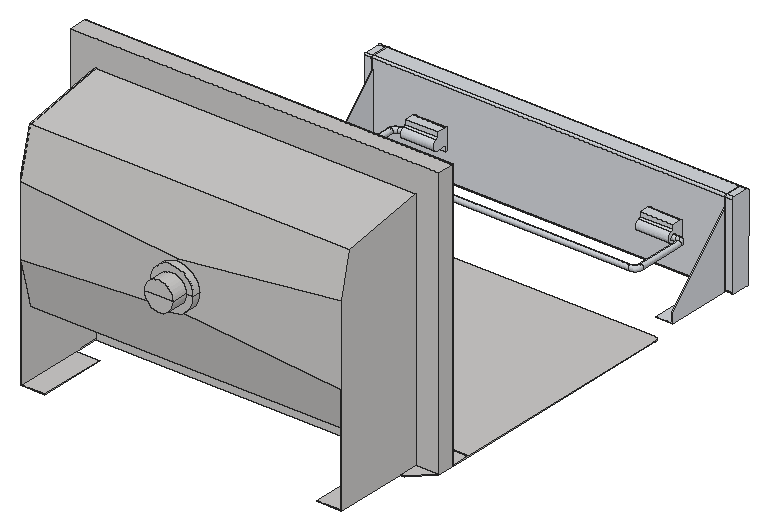
Revit family "PRD_AR_WshTrghs_PlanoxWashTrough_PL6,8,12,16,18,24,30-T-TCS", category Plumbing Fixtures, host Face, Revit 2018 (continued)
Definition of nested family "PRD_AR_WashBasinSupportBrackets__SupportBracketPL18SU"
  Parameters (values of type "PL18SU")
    WarrantyDurationLabor = "n/a"
    WarrantyDescription = "n/a"
    Version = "1"
    Uniclass2015Version = "Products v1.10"
    Uniclass2015Title = "Wash basin support brackets"
    Uniclass2015Code = "Pr_20_85_09_98"
    URL = "www.kwc.com"
    TagNumber [instance] = "n/a"
    SustainabilityPerformance = "n/a"
    Style = "Bracket"
    Size = "240 x 180 x 45 mm"
    Shape = "n/a"
    SerialNumber [instance] = "n/a"
    Revision = "n/a"
    ReplacementCost = "n/a"
    ProductInformation = "https://pim.kwc.com/product/2030043812/attachment/datasheet?locale=en"
    BracketMaterial = none
    NominalWidth = 45 mm
    NominalHeight = 180 mm
    NominalDepth = 240 mm
    NetWeight = 0.60 kg
    Name = "PLANOX bracket PL18SU"
    NBSTypeID = "n/a"
    NBSReference = "45-35-70/374"
    NBSOfficeMasterTag = "n/a"
    NBSNote = "n/a"
    NBSDescription = "Supports for wash basins"
    NBSCertification = "n/a"
    ModelReference = "PL18SU"
    ModelNumber = "2030043812"
    Model = ModelReference  # "PL18SU"
    Materials = "Stainless steel 1.4301"
    Material = "Stainless steel"
    ManufacturerURL = "www.kwc.com"
    ManufacturerName = "KWC Group AG"  # constant formula
    Manufacturer = ManufacturerName  # "KWC Group AG"
    MainColor = "Stainless steel"
    InstallationDate [instance] = "1900-12-31T23:59:59"
    IfcExportType = "NOTDEFINED"
    IfcExportAs = "IfcFurnitureType"
    GrossWeight = 0.70 kg
    Grade = "n/a"
    Form = "Mounted under product"
    Finish = "Satin finished"
    Features = "chromium nickel steel, material thickness 2 mm, wall mounting"
    ExpectedLife = "n/a"
    DurationUnit = "year"
    Description = "Bracket for PLANOX washtroughs, wall-mounted, chromium nickel steel, material thickness 2 mm, including mounting material."
    Default Elevation = 1219.2 mm
    CreateOn = "04/2019"  # constant formula
    Constituents = "n/a"
    Color = "Stainless steel"
    CodePerformance = "n/a"
    Category = "Pr_20_85_09_98, Wash basin support brackets"
    BarCode [instance] = "n/a"
    BIMObjectName = "PRD_AR_WashBasinSupportBrackets__SupportBracketPL18SU"
    Author = "Archispace"  # constant formula
    AssetType = "Fixed"
    AssetIdentifier [instance] = "n/a"
    AccessibilityPerformance = "n/a"
  Reference planes
    plane 1 "Center (Front/Back)": y = 0
    plane 2: z = 0
    plane 3 "Center (Left/Right)": x = 0
  Forms (mm)
    Extrusion 1, solid, material <- "BracketMaterial", detail levels fine
      sketch origin (0, 0, 0) x (1, 0, 0) y (0, 1, 0)
        loop
          line (-100, -186.554) -> (-122.5, -186.554) -> (-122.5, -366.554) -> (-77.5, -366.554) -> (-77.5, -186.554) -> (-100, -186.554)
      from 0 to 3
    Extrusion 2, solid, material <- "BracketMaterial", detail levels fine
      sketch origin (0, 0, 0) x (1, 0, 0) y (0, 1, 0)
        loop
          line (-122.5, -186.554) -> (-122.5, -209.554) -> (-110.5, -209.554) -> (-110.5, -206.554) -> (-119.5, -206.554) -> (-119.5, -189.554) -> (-80.5, -189.554) -> (-80.5, -206.554) -> (-89.5, -206.554) -> (-89.5, -209.554) -> (-77.5, -209.554) -> (-77.5, -186.554) -> (-122.5, -186.554)
      from 0 to 240
    Extrusion 3, solid, material <- "BracketMaterial", detail levels fine
      sketch origin (0, 0, 0) x (0, 1, 0) y (0, 0, 1)
        loop
          line (-366.554, 0) -> (-209.554, 0) -> (-209.554, 48.026) -> (-286.554, 20) -> (-366.554, 20) -> (-366.554, 0)
      from -122.5 to -119.5
    Extrusion 4, solid, material <- "BracketMaterial", detail levels fine
      sketch origin (-200, 0, 0) x (0, 1, 0) y (0, 0, -1)
        loop
          line (-366.554, 0) -> (-366.554, -20) -> (-286.554, -20) -> (-209.554, -48.026) -> (-209.554, 0) -> (-366.554, 0)
      from -122.5 to -119.5
    Extrusion 5, solid, material <- "BracketMaterial", detail levels coarse
      sketch origin (0, 0, 0) x (1, 0, 0) y (0, 1, 0)
        loop
          line (-77.5, -186.554) -> (-122.5, -186.554) -> (-122.5, -366.554) -> (-77.5, -366.554) -> (-77.5, -186.554)
      from 0 to 240
    Extrusion 6, solid, material <- "BracketMaterial", detail levels medium
      sketch origin (0, 0, 0) x (1, 0, 0) y (0, 1, 0)
        loop
          line (-122.5, -209.554) -> (-77.5, -209.554) -> (-77.5, -186.554) -> (-122.5, -186.554) -> (-122.5, -209.554)
      from 0 to 240
    Extrusion 7, solid, material <- "BracketMaterial", detail levels medium
      sketch origin (0, 0, 0) x (0, 1, 0) y (0, 0, 1)
        loop
          line (-209.554, 48.026) -> (-286.554, 20) -> (-366.554, 20) -> (-366.554, 0) -> (-209.554, 0) -> (-209.554, 48.026)
      from -122.5 to -77.5
  Dimensions and locks
    aligned and locked: level to plane 2
Types (21, lengths in mm): name | WasteValveMaterial | WashbasinMaterial | TypeSplashback | Type | TowelRailTB60 | Size | ShelfOffset | ShelfBXSV6 | ProductInformation | PLSU | OverallLength | NominalWidth | NominalDepth | NetWeight | Name | ModelReference | ModelNumber | Model | MaterialsFinishAndColour | MaterialsBody | IntegralAccessories | GrossWeight | Finish | Features | Description | BIMObjectName
  PL6 | PRD_AR_StainlessSteel_SatinFinished | PRD_AR_StainlessSteel_SatinFinished | PLSB,PLSBCS : PL6SB | PL : PL | yes | "600 x 382 x 210 mm" | 600 | yes | "https://pim.kwc.com/product/2030043777/attachment/datasheet?locale=en" | no | 600 | 600 | 382 | 5.25 kg | "PLANOX wash trough PL6" | "PL6" | "2030043777" | "PL6" | "Stainless steel, satin finished" | "Stainless steel 1.4301" | "Side panels with integrated brackets, incl. stainless steel screws and dowels" | 7.09 kg | "Satin finished" | "stainless steel, 0.80 mm, satin finished, wall mounting, 600x210x382 mm (WxHxD)" | "PLANOX seamless welded washtrough for wall mounting, chromium nickel steel, satin finished surface, material thickness of washtrough 0.8 mm / side panels 1.2 mm, side panels with integrated wall brackets, without tap ledge or overflow, 40 mm rear upstand, central waste, G 1 1/2 B strainer waste, includes mounting materials. For a length of 1800 mm or more, an additional bracket is supplied. Special lengths are available on request." | "PRD_AR_WashTrough_PlanoxWashTrough_PL6"
  PL8 | PRD_AR_StainlessSteel_SatinFinished | PRD_AR_StainlessSteel_SatinFinished | PLSB,PLSBCS : PL8SB | PL : PL | no | "800 x 382 x 210 mm" | 472.316 | no | "https://pim.kwc.com/product/2030043778/attachment/datasheet?locale=en" | no | 800 | 800 | 382 | 6.29 kg | "PLANOX wash trough PL8" | "PL8" | "2030043778" | "PL8" | "Stainless steel, satin finished" | "Stainless steel 1.4301" | "incl. stainless steel screws and dowels" | 8.13 kg | "Satin finished" | "stainless steel, 0.80 mm, satin finished, wall mounting, 800x210x382 mm (WxHxD)" | "Washing trough PLANOX seamless welded wash trough for wall mounting, chromium nickel steel, satin finished surface, material thickness of wash trough 0.8 mm / side panels 1.2 mm, side panels with integrated wall brackets, without tap ledge or overflow, 40 mm rear upstand, drainage central, G 1 1/2 B strainer waste, includes mounting materials. For a length of 1800 mm or more, an additional bracket is supplied. Special lengths are available on request." | "PRD_AR_WashTrough_PlanoxWashTrough_PL8"
  PL12 | PRD_AR_StainlessSteel_SatinFinished | PRD_AR_StainlessSteel_SatinFinished | PLSB,PLSBCS : PL12SB | PL : PL | no | "1200 x 382 x 210 mm" | 472.316 | no | "https://pim.kwc.com/product/2030043779/attachment/datasheet?locale=en" | no | 1200 | 1200 | 382 | 7.66 kg | "PLANOX wash trough PL12" | "PL12" | "2030043779" | "PL12" | "Stainless steel, satin finished" | "Stainless steel 1.4301" | "Side panels with integrated brackets, incl. stainless steel screws and dowels" | 9.50 kg | "Satin finished" | "stainless steel, 0.80 mm, satin finished, wall mounting, 1200x210x382 mm (WxHxD)" | "Washing trough PLANOX seamless welded wash trough for wall mounting, chromium nickel steel, satin finished surface, material thickness of wash trough 0.8 mm / side panels 1.2 mm, side panels with integrated wall brackets, without tap ledge or overflow, 40 mm rear upstand, drainage central, G 1 1/2 B strainer waste, includes mounting materials. For a length of 1800 mm or more, an additional bracket is supplied. Special lengths are available on request." | "PRD_AR_WashTrough_PlanoxWashTrough_PL12"
  PL16 | PRD_AR_StainlessSteel_SatinFinished | PRD_AR_StainlessSteel_SatinFinished | PLSB,PLSBCS : PL16SB | PL : PL | no | "1600 x 382 x 210 mm" | 472.316 | no | "https://pim.kwc.com/product/2030043780/attachment/datasheet?locale=en" | no | 1600 | 1600 | 382 | 10.46 kg | "PLANOX wash trough PL16" | "PL16" | "2030043780" | "PL16" | "Stainless steel, satin finished" | "Stainless steel 1.4301" | "Side panels with integrated brackets, incl. stainless steel screws and dowels" | 12.30 kg | "Satin finished" | "stainless steel, 0.80 mm, satin finished, wall mounting, 1600x210x382 mm (WxHxD)" | "PLANOX seamless welded washtrough for wall mounting, chromium nickel steel, satin finished surface, material thickness of washtrough 0.8 mm / side panels 1.2 mm, side panels with integrated wall brackets, without tap ledge or overflow, 40 mm rear upstand, central waste, G 1 1/2 B strainer waste, includes mounting materials. For a length of 1800 mm or more, an additional bracket is supplied. Special lengths are available on request." | "PRD_AR_WashTrough_PlanoxWashTrough_PL16"
  PL18 | PRD_AR_StainlessSteel_SatinFinished | PRD_AR_StainlessSteel_SatinFinished | PLSB,PLSBCS : PL18SB | PL : PL | no | "1800 x 382 x 210 mm" | 472.316 | no | "https://pim.kwc.com/product/2030043781/attachment/datasheet?locale=en" | yes | 1800 | 1800 | 382 | 12.21 kg | "PLANOX wash trough PL18" | "PL18" | "2030043781" | "PL18" | "Stainless steel, satin finished" | "Stainless steel 1.4301" | "Side panels with integrated brackets, incl. stainless steel screws and dowels" | 14.46 kg | "Satin finished" | "stainless steel, 0.80 mm, satin finished, wall mounting, 1800x210x382 mm (WxHxD)" | "Washing trough PLANOX seamless welded wash trough for wall mounting, chromium nickel steel, satin finished surface, material thickness of wash trough 0.8 mm / side panels 1.2 mm, side panels with integrated wall brackets, without tap ledge or overflow, 40 mm rear upstand, drainage central, G 1 1/2 B strainer waste, includes mounting materials. For a length of 1800 mm or more, an additional bracket is supplied. Special lengths are available on request." | "PRD_AR_WashTrough_PlanoxWashTrough_PL18"
  PL24 | PRD_AR_StainlessSteel_SatinFinished | PRD_AR_StainlessSteel_SatinFinished | PLSB,PLSBCS : PL24SB | PL : PL | no | "2400 x 382 x 210 mm" | 472.316 | no | "https://pim.kwc.com/product/2030043782/attachment/datasheet?locale=en" | yes | 2400 | 2400 | 382 | 15.38 kg | "PLANOX wash trough PL24" | "PL24" | "2030043782" | "PL24" | "Stainless steel, satin finished" | "Stainless steel 1.4301" | "Side panels with integrated brackets, incl. stainless steel screws and dowels" | 17.63 kg | "Satin finished" | "stainless steel, 0.80 mm, satin finished, wall mounting, 2400x210x382 mm (WxHxD)" | "Washing trough PLANOX seamless welded wash trough for wall mounting, chromium nickel steel, satin finished surface, material thickness of wash trough 0.8 mm / side panels 1.2 mm, side panels with integrated wall brackets, without tap ledge or overflow, 40 mm rear upstand, drainage central, G 1 1/2 B strainer waste, includes mounting materials. For a length of 1800 mm or more, an additional bracket is supplied. Special lengths are available on request." | "PRD_AR_WashTrough_PlanoxWashTrough_PL24"
  PL30 | PRD_AR_StainlessSteel_SatinFinished | PRD_AR_StainlessSteel_SatinFinished | PLSB,PLSBCS : PL30SB | PL : PL | no | "3000 x 382 x 210 mm" | 472.316 | no | "https://pim.kwc.com/product/2030043783/attachment/datasheet?locale=en" | yes | 3000 | 3000 | 382 | 18.54 kg | "PLANOX wash trough PL30" | "PL30" | "2030043783" | "PL30" | "Stainless steel, satin finished" | "Stainless steel 1.4301" | "Side panels with integrated brackets, incl. stainless steel screws and dowels" | 20.79 kg | "Satin finished" | "stainless steel, 0.80 mm, satin finished, wall mounting, 3000x210x382 mm (WxHxD)" | "Washing trough PLANOX seamless welded wash trough for wall mounting, chromium nickel steel, satin finished surface, material thickness of wash trough 0.8 mm / side panels 1.2 mm, side panels with integrated wall brackets, without tap ledge or overflow, 40 mm rear upstand, drainage central, G 1 1/2 B strainer waste, includes mounting materials. For a length of 1800 mm or more, an additional bracket is supplied. Special lengths are available on request." | "PRD_AR_WashTrough_PlanoxWashTrough_PL30"
  PL6T | PRD_AR_ChromiumNickelSteel_SatinlFinished | PRD_AR_ChromiumNickelSteel_SatinlFinished | PLSB,PLSBCS : PL6SB | PLT,PLCS : PLT,PLCS | yes | "600 x 442 x 210 mm" | 600 | yes | "https://pim.kwc.com/product/2030043784/attachment/datasheet?locale=en" | no | 600 | 600 | 442 | 5.74 kg | "PLANOX wash trough PL6T" | "PL6T" | "2030043784" | "PL6T" | "Stainless steel, satin finished" | "Stainless steel 1.4301" | "Side panels with integrated brackets, incl. stainless steel screws and dowels" | 7.58 kg | "Satin finished" | "stainless steel, 0.80 mm, satin finished, wall mounting, 600x210x442 mm (WxHxD)" | "Washing trough PLANOX seamless welded wash trough for wall mounting, chromium nickel steel, satin finished surface, material thickness of wash trough 0.8 mm / side panels 1.2 mm, side panels with integrated wall brackets, lowered tap ledge 80 mm, without tap holes or overflow, 40 mm rear upstand, central waste, G 1 1/2 B strainer waste, includes mounting materials. For a length of 1800 mm or more, an additional bracket is supplied. Special lengths are available on request." | "PRD_AR_WashTrough_PlanoxWashTrough_PL6T"
  PL8T | PRD_AR_ChromiumNickelSteel_SatinlFinished | PRD_AR_ChromiumNickelSteel_SatinlFinished | PLSB,PLSBCS : PL8SB | PLT,PLCS : PLT,PLCS | no | "800 x 442 x 210 mm" | 472.316 | no | "https://pim.kwc.com/product/2030043785/attachment/datasheet?locale=en" | no | 800 | 800 | 442 | 6.88 kg | "PLANOX wash trough PL8T" | "PL8T" | "2030043785" | "PL8T" | "Stainless steel, satin finished" | "Stainless steel 1.4301" | "incl. stainless steel screws and dowels" | 8.72 kg | "Satin finished" | "stainless steel, 0.80 mm, satin finished, wall mounting, 800x210x442 mm (WxHxD)" | "Washing trough PLANOX seamless welded wash trough for wall mounting, chromium nickel steel, satin finished surface, material thickness of wash trough 0.8 mm / side panels 1.2 mm, side panels with integrated wall brackets, lowered tap ledge 80 mm, without tap holes or overflow, 40 mm rear upstand, central waste, G 1 1/2 B strainer waste, includes mounting materials. For a length of 1800 mm or more, an additional bracket is supplied. Special lengths are available on request." | "PRD_AR_WashTrough_PlanoxWashTrough_PL8T"
  PL12T | PRD_AR_ChromiumNickelSteel_SatinlFinished | PRD_AR_ChromiumNickelSteel_SatinlFinished | PLSB,PLSBCS : PL12SB | PLT,PLCS : PLT,PLCS | no | "1200 x 442 x 210 mm" | 472.316 | no | "https://pim.kwc.com/product/2030043786/attachment/datasheet?locale=en" | no | 1200 | 1200 | 442 | 8.71 kg | "PLANOX wash trough PL12T" | "PL12T" | "2030043786" | "PL12T" | "Stainless steel, satin finished" | "Stainless steel 1.4301" | "Side panels with integrated brackets, incl. stainless steel screws and dowels" | 10.55 kg | "Satin finished" | "stainless steel, 0.80 mm, satin finished, wall mounting, 1200x210x442 mm (WxHxD)" | "Washing trough PLANOX seamless welded wash trough for wall mounting, chromium nickel steel, satin finished surface, material thickness of wash trough 0.8 mm / side panels 1.2 mm, side panels with integrated wall brackets, lowered tap ledge 80 mm, without tap holes or overflow, 40 mm rear upstand, drainage central, G 1 1/2 B strainer waste, includes mounting materials. For a length of 1800 mm or more, an additional bracket is supplied. Special lengths are available on request." | "PRD_AR_WashTrough_PlanoxWashTrough_PL12T"
  PL16T | PRD_AR_ChromiumNickelSteel_SatinlFinished | PRD_AR_ChromiumNickelSteel_SatinlFinished | PLSB,PLSBCS : PL16SB | PLT,PLCS : PLT,PLCS | no | "1600 x 442 x 210 mm" | 472.316 | no | "https://pim.kwc.com/product/2030043787/attachment/datasheet?locale=en" | no | 1600 | 1600 | 442 | 10.96 kg | "PLANOX wash trough PL16T" | "PL16T" | "2030043787" | "PL16T" | "Stainless steel, satin finished" | "Stainless steel 1.4301" | "Side panels with integrated brackets, incl. stainless steel screws and dowels" | 12.80 kg | "Satin finished" | "stainless steel, 0.80 mm, satin finished, wall mounting, 1600x210x442 mm (WxHxD)" | "Washing trough PLANOX seamless welded wash trough for wall mounting, chromium nickel steel, satin finished surface, material thickness of wash trough 0.8 mm / side panels 1.2 mm, side panels with integrated wall brackets, lowered tap ledge 80 mm, without tap holes or overflow, 40 mm rear upstand, central waste, G 1 1/2 B strainer waste, includes mounting materials. For a length of 1800 mm or more, an additional bracket is supplied. Special lengths are available on request." | "PRD_AR_WashTrough_PlanoxWashTrough_PL16T"
  PL18T | PRD_AR_ChromiumNickelSteel_SatinlFinished | PRD_AR_ChromiumNickelSteel_SatinlFinished | PLSB,PLSBCS : PL18SB | PLT,PLCS : PLT,PLCS | no | "1800 x 442 x 210 mm" | 472.316 | no | "https://pim.kwc.com/product/2030043788/attachment/datasheet?locale=en" | yes | 1800 | 1800 | 442 | 12.74 kg | "PLANOX wash trough PL18T" | "PL18T" | "2030043788" | "PL18T" | "Stainless steel, satin finished" | "Stainless steel 1.4301" | "Side panels with integrated brackets, incl. stainless steel screws and dowels" | 14.99 kg | "Satin finished" | "stainless steel, 0.80 mm, satin finished, wall mounting, 1800x210x442 mm (WxHxD)" | "Washing trough PLANOX seamless welded wash trough for wall mounting, chromium nickel steel, satin finished surface, material thickness of wash trough 0.8 mm / side panels 1.2 mm, side panels with integrated wall brackets, lowered tap ledge 80 mm, without tap holes or overflow, 40 mm rear upstand, drainage central, G 1 1/2 B strainer waste, includes mounting materials. For a length of 1800 mm or more, an additional bracket is supplied. Special lengths are available on request." | "PRD_AR_WashTrough_PlanoxWashTrough_PL18T"
  PL24T | PRD_AR_ChromiumNickelSteel_SatinlFinished | PRD_AR_ChromiumNickelSteel_SatinlFinished | PLSB,PLSBCS : PL24SB | PLT,PLCS : PLT,PLCS | no | "2400 x 442 x 210 mm" | 472.316 | no | "https://pim.kwc.com/product/2030043789/attachment/datasheet?locale=en" | yes | 2400 | 2400 | 442 | 15.93 kg | "PLANOX wash trough PL24T" | "PL24T" | "2030043789" | "PL24T" | "Stainless steel, satin finished" | "Stainless steel 1.4301" | "Side panels with integrated brackets, incl. stainless steel screws and dowels" | 18.18 kg | "Satin finished" | "stainless steel, 0.80 mm, satin finished, wall mounting, 2400 x 442 x 210 mm (WxHxD)" | "Washing trough PLANOX seamless welded wash trough for wall mounting, chromium nickel steel, satin finished surface, material thickness of wash trough 0.8 mm / side panels 1.2 mm, side panels with integrated wall brackets, lowered tap ledge 80 mm, without tap holes or overflow, 40 mm rear upstand, drainage central, G 1 1/2 B strainer waste, includes mounting materials. For a length of 1800 mm or more, an additional bracket is supplied. Special lengths are available on request." | "PRD_AR_WashTrough_PlanoxWashTrough_PL24T"
  PL30T | PRD_AR_ChromiumNickelSteel_SatinlFinished | PRD_AR_ChromiumNickelSteel_SatinlFinished | PLSB,PLSBCS : PL30SB | PLT,PLCS : PLT,PLCS | no | "3000 x 442 x 210 mm" | 472.316 | no | "https://pim.kwc.com/product/2030043790/attachment/datasheet?locale=en" | yes | 3000 | 3000 | 442 | 19.14 kg | "PLANOX wash trough PL30T" | "PL30T" | "2030043790" | "PL30T" | "Stainless steel, satin finished" | "Stainless steel 1.4301" | "Side panels with integrated brackets, incl. stainless steel screws and dowels" | 21.39 kg | "Satin finished" | "stainless steel, 0.80 mm, satin finished, wall mounting, 3000 x 442 x 210 mm (WxHxD)" | "Washing trough PLANOX seamless welded wash trough for wall mounting, chromium nickel steel, satin finished surface, material thickness of wash trough 0.8 mm / side panels 1.2 mm, side panels with integrated wall brackets, lowered tap ledge 80 mm, without tap holes or overflow, 40 mm rear upstand, drainage central, G 1 1/2 B strainer waste, includes mounting materials. For a length of 1800 mm or more, an additional bracket is supplied. Special lengths are available on request." | "PRD_AR_WashTrough_PlanoxWashTrough_PL30T"
  PL6TCS | PRD_AR_ChromiumSteel_HighPolished | PRD_AR_ChromiumSteel_HighPolished | PLSB,PLSBCS : PL6SBCS | PLT,PLCS : PLT,PLCS | yes | "600 x 442 x 210 mm" | 600 | yes | "https://pim.kwc.com/product/2030043791/attachment/datasheet?locale=en" | no | 600 | 600 | 442 | 5.74 kg | "PLANOX wash trough PL6TCS" | "PL6TCS" | "2030043791" | "PL6TCS" | "Chromium steel, high polished" | "Chromium steel 1.4016" | "Side panels with integrated brackets, incl. stainless steel screws and dowels" | 7.58 kg | "High polished" | "chromium steel, 0.80 mm, high polished, wall mounting, 600x210x442 mm (WxHxD)" | "Washing trough PLANOX seamless welded wash trough for wall mounting, chromium steel, satin finished surface, material thickness of wash trough 0.8 mm / side panels 1.2 mm, side panels with integrated wall brackets, lowered tap ledge 80 mm, without tap holes or overflow, 40 mm rear upstand, drainage central, G 1 1/2 B strainer waste, includes mounting materials. For a length of 1800 mm or more, an additional bracket is supplied. Special lengths are available on request." | "PRD_AR_WashTrough_PlanoxWashTrough_PL6TCS"
  PL8TCS | PRD_AR_ChromiumSteel_HighPolished | PRD_AR_ChromiumSteel_HighPolished | PLSB,PLSBCS : PL8SBCS | PLT,PLCS : PLT,PLCS | no | "800 x 442 x 210 mm" | 472.316 | no | "https://pim.kwc.com/product/2030043792/attachment/datasheet?locale=en" | no | 800 | 800 | 442 | 6.88 kg | "PLANOX wash trough PL8TCS" | "PL8TCS" | "2030043792" | "PL8TCS" | "Chromium steel, high polished" | "Chromium steel 1.4016" | "incl. stainless steel screws and dowels" | 8.72 kg | "High polished" | "chromium steel, 0.80 mm, high polished, wall mounting, 800x210x442 mm (WxHxD)" | "Washing trough PLANOX seamless welded wash trough for wall mounting, chromium steel, satin finished surface, material thickness of wash trough 0.8 mm / side panels 1.2 mm, side panels with integrated wall brackets, lowered tap ledge 80 mm, without tap holes or overflow, 40 mm rear upstand, drainage central, G 1 1/2 B strainer waste, includes mounting materials. For a length of 1800 mm or more, an additional bracket is supplied. Special lengths are available on request." | "PRD_AR_WashTrough_PlanoxWashTrough_PL8TCS"
  PL12TCS | PRD_AR_ChromiumSteel_HighPolished | PRD_AR_ChromiumSteel_HighPolished | PLSB,PLSBCS : PL12SBCS | PLT,PLCS : PLT,PLCS | no | "1200 x 442 x 210 mm" | 472.316 | no | "https://pim.kwc.com/product/2030043793/attachment/datasheet?locale=en" | no | 1200 | 1200 | 442 | 8.71 kg | "PLANOX wash trough PL12TCS" | "PL12TCS" | "2030043793" | "PL12TCS" | "Chromium steel, high polished" | "Chromium steel 1.4016" | "Side panels with integrated brackets, incl. stainless steel screws and dowels" | 10.55 kg | "High polished" | "chromium steel, 0.80 mm, high polished, wall mounting, 1200x210x442 mm (WxHxD)" | "Washing trough PLANOX seamless welded wash trough for wall mounting, chromium steel, satin finished surface, material thickness of wash trough 0.8 mm / side panels 1.2 mm, side panels with integrated wall brackets, lowered tap ledge 80 mm, without tap holes or overflow, 40 mm rear upstand, drainage central, G 1 1/2 B strainer waste, includes mounting materials. For a length of 1800 mm or more, an additional bracket is supplied. Special lengths are available on request." | "PRD_AR_WashTrough_PlanoxWashTrough_PL12TCS"
  PL16TCS | PRD_AR_ChromiumSteel_HighPolished | PRD_AR_ChromiumSteel_HighPolished | PLSB,PLSBCS : PL16SBCS | PLT,PLCS : PLT,PLCS | no | "1600 x 442 x 210 mm" | 472.316 | no | "https://pim.kwc.com/product/2030043794/attachment/datasheet?locale=en" | no | 1600 | 1600 | 442 | 11.46 kg | "PLANOX wash trough PL16TCS" | "PL16TCS" | "2030043794" | "PL16TCS" | "Chromium steel, high polished" | "Chromium steel 1.4016" | "Side panels with integrated brackets, incl. stainless steel screws and dowels" | 13.30 kg | "High polished" | "chromium steel, 0.80 mm, high polished, wall mounting, 1600x210x442 mm (WxHxD)" | "Washing trough PLANOX seamless welded wash trough for wall mounting, chromium steel, satin finished surface, material thickness of wash trough 0.8 mm / side panels 1.2 mm, side panels with integrated wall brackets, lowered tap ledge 80 mm, without tap holes or overflow, 40 mm rear upstand, central waste, G 1 1/2 B strainer waste, includes mounting materials. For a length of 1800 mm or more, an additional bracket is supplied. Special lengths are available on request." | "PRD_AR_WashTrough_PlanoxWashTrough_PL16TCS"
  PL18TCS | PRD_AR_ChromiumSteel_HighPolished | PRD_AR_ChromiumSteel_HighPolished | PLSB,PLSBCS : PL18SBCS | PLT,PLCS : PLT,PLCS | no | "1800 x 442 x 210 mm" | 472.316 | no | "https://pim.kwc.com/product/2030043795/attachment/datasheet?locale=en" | yes | 1800 | 1800 | 442 | 13.27 kg | "PLANOX wash trough PL18TCS" | "PL18TCS" | "2030043795" | "PL18TCS" | "Chromium steel, high polished" | "Chromium steel 1.4016" | "Side panels with integrated brackets, incl. stainless steel screws and dowels" | 15.52 kg | "High polished" | "chromium steel, 0.80 mm, high polished, wall mounting, 1800x210x442 mm (WxHxD)" | "Washing trough PLANOX seamless welded wash trough for wall mounting, chromium steel, satin finished surface, material thickness of wash trough 0.8 mm / side panels 1.2 mm, side panels with integrated wall brackets, lowered tap ledge 80 mm, without tap holes or overflow, 40 mm rear upstand, drainage central, G 1 1/2 B strainer waste, includes mounting materials. For a length of 1800 mm or more, an additional bracket is supplied. Special lengths are available on request." | "PRD_AR_WashTrough_PlanoxWashTrough_PL18TCS"
  PL24TCS | PRD_AR_ChromiumSteel_HighPolished | PRD_AR_ChromiumSteel_HighPolished | PLSB,PLSBCS : PL24SBCS | PLT,PLCS : PLT,PLCS | no | "2400 x 442 x 210 mm" | 472.316 | no | "https://pim.kwc.com/product/2030043796/attachment/datasheet?locale=en" | yes | 2400 | 2400 | 442 | 16.48 kg | "PLANOX wash trough PL24TCS" | "PL24TCS" | "2030043796" | "PL24TCS" | "Chromium steel, high polished" | "Chromium steel 1.4016" | "Side panels with integrated brackets, incl. stainless steel screws and dowels" | 18.73 kg | "High polished" | "chromium steel, 0.80 mm, high polished, wall mounting, 2400 x 442 x 210 mm (WxHxD)" | "Washing trough PLANOX seamless welded wash trough for wall mounting, chromium steel, satin finished surface, material thickness of wash trough 0.8 mm / side panels 1.2 mm, side panels with integrated wall brackets, lowered tap ledge 80 mm, without tap holes or overflow, 40 mm rear upstand, drainage central, G 1 1/2 B strainer waste, includes mounting materials. For a length of 1800 mm or more, an additional bracket is supplied. Special lengths are available on request." | "PRD_AR_WashTrough_PlanoxWashTrough_PL24TCS"
  PL30TCS | PRD_AR_ChromiumSteel_HighPolished | PRD_AR_ChromiumSteel_HighPolished | PLSB,PLSBCS : PL30SBCS | PLT,PLCS : PLT,PLCS | no | "3000 x 442 x 210 mm" | 472.316 | no | "https://pim.kwc.com/product/2030043797/attachment/datasheet?locale=en" | yes | 3000 | 3000 | 442 | 19.74 kg | "PLANOX wash trough PL30TCS" | "PL30TCS" | "2030043797" | "PL30TCS" | "Chromium steel, high polished" | "Chromium steel 1.4016" | "Side panels with integrated brackets, incl. stainless steel screws and dowels" | 21.99 kg | "High polished" | "chromium steel, 0.80 mm, high polished, wall mounting, 3000 x 442 x 210 mm (WxHxD)" | "Washing trough PLANOX seamless welded wash trough for wall mounting, chromium steel, satin finished surface, material thickness of wash trough 0.8 mm / side panels 1.2 mm, side panels with integrated wall brackets, lowered tap ledge 80 mm, without tap holes or overflow, 40 mm rear upstand, drainage central, G 1 1/2 B strainer waste, includes mounting materials. For a length of 1800 mm or more, an additional bracket is supplied. Special lengths are available on request." | "PRD_AR_WashTrough_PlanoxWashTrough_PL30TCS"
